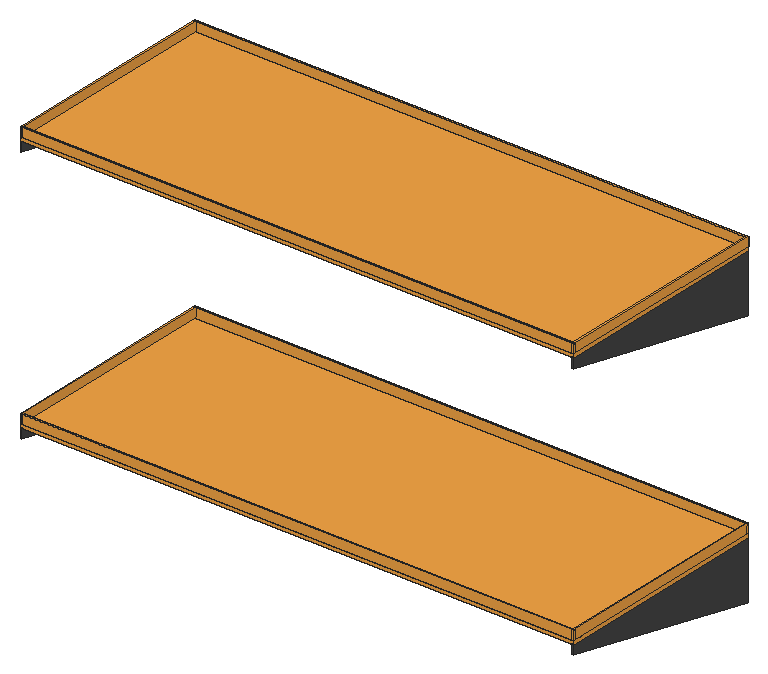
Revit family "Detention_Bunk-WallMnt", category Casework, Revit 2026
Family settings
  Classification Number = 23.40.70.31.17
  Work Plane-Based = No
  Always vertical = Yes
  Cut with Voids When Loaded = No
  Shared = No
  Room Calculation Point = No
Parameters (values of type "Double-Bunk")
  Width = 6' - 4"
  Warranty Duration (Years) = 5
  Test Data = ""
  Specification = "http://www.arcat.com/divs/sec/sec11190.shtml"
  Sales Information = ""
  Product Properties = "http://www.arcat.com/bim/bim_info.pl?fn=Detention_Bunk-WallMnt"
  Product Data = "http://www.arcat.com/divs/sec/sec11190.shtml"
  Model = "Generic"  # constant formula
  Manufacturer Website = "http://www.arcat.com/"
  Manufacturer Phone - Toll Free = ""
  Manufacturer Phone = "(203) 929-9444"  # constant formula
  Manufacturer Fax = "(203) 939-2444"  # constant formula
  Manufacturer Email = "bim@arcat.com"  # constant formula
  Manufacturer Address = "1077 Bridgeport Ave, Shelton, CT  06484"  # constant formula
  Manufacturer = "Generic"  # constant formula
  Maintenance Schedule (Months) = 12
  Keynote = "11190"
  Installation_Fabricaton = ""
  Installation Phase = ""
  Height = 5' - 1"
  Hardware Material = Metal - Brass
  Green Building-LEED = "http://www.arcat.com/green/green_building.shtml"
  Frame Material = Metal - Steel, Painted, Black
  Expected Lifespan (Years) = 10
  Drawn By = "Robert S. Weygant. CSI, CDT, SCIP"  # constant formula
  Description = "Detention Bunk - Wall Mounted, Double Occupant"
  Depth = 2' - 6"
  Default Elevation = 0' - 0"
  Copyright = "2008, ARCAT, Inc."  # constant formula
  Construction Details = "http://www.arcat.com/divs/sec/sec11190.shtml"
  Bunk Surface Material = Metal - Steel, Painted, Orange
  Building Codes = ""
  Assembly Code = "E1020600"
Reference planes (in)
  plane 1 "Center (Front/Back)": y = 0
  plane 2: z = 0
  plane 3 "Center (Left/Right)": x = 0
  plane 4: y = 15
  plane 5: y = -15
  plane 6 "Left": x = -38
  plane 7 "Right": x = 38
  plane 8: z = 61
  plane 9: z = 24
Forms (in)
  Extrusion 1, solid, material "Metal - Steel, Painted, Orange" <- "Bunk Surface Material"
    sketch origin (0, 0, 16) x (1, 0, 0) y (0, 1, 0)
      loop
        line (-38, 15) -> (-38, -15) -> (38, -15) -> (38, 15) -> (-38, 15)
    from 8 to 8.5
  Extrusion 2, solid, material "Metal - Steel, Painted, Orange" <- "Bunk Surface Material"
    sketch origin (0, -13.25, 1.75094) x (1, 0, 0) y (0, 0, 1)
      loop
        line (-38, 24) -> (-38, 22.74906) -> (38, 22.74906) -> (38, 24) -> (-38, 24)
    from 1.5 to 1.75
  Extrusion 3, solid, material "Metal - Steel, Painted, Orange" <- "Bunk Surface Material"
    sketch origin (0, 13.25, 1.75094) x (1, 0, 0) y (0, 0, -1)
      loop
        line (-38, -24) -> (38, -24) -> (38, -22.74906) -> (-38, -22.74906) -> (-38, -24)
    from 1.5 to 1.75
  Extrusion 4, solid, material "Metal - Steel, Painted, Orange" <- "Bunk Surface Material"
    sketch origin (40, 26.5, 1.75094) x (0, -1, 0) y (0, 0, 1)
      loop
        line (11.5, 24) -> (11.5, 22.74906) -> (41.5, 22.74906) -> (41.5, 24) -> (11.5, 24)
    from 2 to 2.25
  Extrusion 5, solid, material "Metal - Steel, Painted, Orange" <- "Bunk Surface Material"
    sketch origin (-40, 26.5, 1.75094) x (0, -1, 0) y (0, 0, -1)
      loop
        line (11.5, -24) -> (41.5, -24) -> (41.5, -22.74906) -> (11.5, -22.74906) -> (11.5, -24)
    from 2 to 2.25
  Extrusion 6, solid, material "Metal - Steel, Painted, Orange" <- "Bunk Surface Material"
    sketch origin (0, 0, 51.24906) x (1, 0, 0) y (0, 1, 0)
      loop
        line (-38, 15) -> (-38, -15) -> (38, -15) -> (38, 15) -> (-38, 15)
    from 8 to 8.5
  Extrusion 7, solid, material "Metal - Steel, Painted, Orange" <- "Bunk Surface Material"
    sketch origin (0, -13.25, 37) x (1, 0, 0) y (0, 0, 1)
      loop
        line (-38, 24) -> (-38, 22.74906) -> (38, 22.74906) -> (38, 24) -> (-38, 24)
    from 1.5 to 1.75
  Extrusion 8, solid, material "Metal - Steel, Painted, Orange" <- "Bunk Surface Material"
    sketch origin (-40, 26.5, 37) x (0, -1, 0) y (0, 0, -1)
      loop
        line (11.5, -24) -> (41.5, -24) -> (41.5, -22.74906) -> (11.5, -22.74906) -> (11.5, -24)
    from 2 to 2.25
  Extrusion 9, solid, material "Metal - Steel, Painted, Orange" <- "Bunk Surface Material"
    sketch origin (0, 13.25, 37) x (1, 0, 0) y (0, 0, -1)
      loop
        line (-38, -24) -> (38, -24) -> (38, -22.74906) -> (-38, -22.74906) -> (-38, -24)
    from 1.5 to 1.75
  Extrusion 10, solid, material "Metal - Steel, Painted, Orange" <- "Bunk Surface Material"
    sketch origin (40, 26.5, 37) x (0, -1, 0) y (0, 0, 1)
      loop
        line (11.5, 24) -> (11.5, 22.74906) -> (41.5, 22.74906) -> (41.5, 24) -> (11.5, 24)
    from 2 to 2.25
  Extrusion 11, solid, material "Metal - Steel, Painted, Black" <- "Frame Material"
    sketch origin (-38, 0, 0) x (0, -1, 0) y (0, 0, 1)
      loop
        line (-15, 59.24906) -> (-15, 51.24906) -> (15, 57.98091) -> (15, 59.24906) -> (-15, 59.24906)
    from 0 to -0.25
  Extrusion 12, solid, material "Metal - Steel, Painted, Black" <- "Frame Material"
    sketch origin (-38, 0, -35.24906) x (0, -1, 0) y (0, 0, 1)
      loop
        line (-15, 59.24906) -> (-15, 51.24906) -> (15, 57.98091) -> (15, 59.24906) -> (-15, 59.24906)
    from 0 to -0.25
  Extrusion 13, solid, material "Metal - Steel, Painted, Black" <- "Frame Material"
    sketch origin (38, 0, -72) x (0, -1, 0) y (0, 0, 1)
      loop
        line (-15, 131.24906) -> (-15, 123.24906) -> (15, 129.98091) -> (15, 131.24906) -> (-15, 131.24906)
    from 0 to 0.25
  Extrusion 14, solid, material "Metal - Steel, Painted, Black" <- "Frame Material"
    sketch origin (38, 0, -72) x (0, -1, 0) y (0, 0, 1)
      loop
        line (-15, 96) -> (-15, 88) -> (15, 94.73186) -> (15, 96) -> (-15, 96)
    from 0 to 0.25
Dimensions and locks (in)
  "Depth": plane 4 to plane 5
  "Height": plane 8 to level
  "Width": plane 6 "Left" to plane 7 "Right"
  equal spacing: plane 6 "Left", plane 3 "Center (Left/Right)", plane 7 "Right"
  equal spacing: plane 4, plane 1 "Center (Front/Back)", plane 5
  locked: Extrusion 5 to Extrusion 5 at 0.25
  locked: Extrusion 4 to Extrusion 4 at 0.25
  locked: Extrusion 3 to Extrusion 3 at 0.25
  locked: Extrusion 2 to Extrusion 2 at 0.25
  locked: Extrusion 9 to Extrusion 9 at 0.25
  locked: Extrusion 7 to Extrusion 7 at 0.25
  locked: Extrusion 10 to Extrusion 10 at 0.25
  locked: Extrusion 8 to Extrusion 8 at 0.25
  locked: plane 8 to Extrusion 6 at 1.75094
  locked: plane 8 to plane 9 at 37
  locked: Extrusion 2 to Extrusion 1 at 1.75094
  locked: Extrusion 11 sketch curve to Extrusion 6 at 8
  locked: Extrusion 11 sketch curve to Extrusion 6 at 1.26814
  locked: Extrusion 12 sketch curve to Extrusion 1 at 8
  locked: Extrusion 12 sketch curve to Extrusion 1 at 1.26814
  locked: Extrusion 13 sketch curve to Extrusion 6 at 8
  locked: Extrusion 13 sketch curve to Extrusion 6 at 1.26814
  locked: Extrusion 14 sketch curve to Extrusion 1 at 8
  locked: Extrusion 14 sketch curve to Extrusion 1 at 1.26814
  aligned and locked: Extrusion 4 to plane 7 "Right"
  aligned and locked: plane 7 "Right" to Extrusion 4
  aligned and locked: plane 6 "Left" to Extrusion 5
  aligned and locked: Extrusion 5 to plane 6 "Left"
  aligned and locked: plane 4 to Extrusion 3  (x2)
  aligned and locked: plane 5 to Extrusion 2  (x2)
  aligned and locked: plane 4 to Extrusion 9
  aligned and locked: plane 5 to Extrusion 7
  aligned and locked: plane 6 "Left" to Extrusion 8
  aligned and locked: plane 7 "Right" to Extrusion 10
  aligned and locked: Extrusion 6 to Extrusion 7
  aligned and locked: Extrusion 1 to Extrusion 2
  aligned and locked: plane 6 "Left" to Extrusion 9
  aligned and locked: plane 6 "Left" to Extrusion 7
  aligned and locked: plane 6 "Left" to Extrusion 2
  aligned and locked: plane 6 "Left" to Extrusion 3  (x2)
  aligned and locked: Extrusion 9 to plane 7 "Right"
  aligned and locked: Extrusion 3 to plane 7 "Right"
  aligned and locked: Extrusion 7 to plane 7 "Right"
  aligned and locked: Extrusion 2 to plane 7 "Right"
  aligned and locked: Extrusion 10 to plane 5
  aligned and locked: Extrusion 4 to plane 5
  aligned and locked: Extrusion 8 to plane 5
  aligned and locked: Extrusion 5 to plane 5
  aligned and locked: plane 4 to Extrusion 10
  aligned and locked: plane 4 to Extrusion 4
  aligned and locked: plane 4 to Extrusion 8
  aligned and locked: plane 4 to Extrusion 5
  aligned and locked: plane 5 to Extrusion 11 sketch curve
  aligned and locked: Extrusion 11 sketch curve to plane 4
  aligned and locked: Extrusion 11 sketch curve to Extrusion 6
  aligned and locked: Extrusion 12 to Extrusion 1
  aligned and locked: Extrusion 13 to Extrusion 6
  aligned and locked: Extrusion 14 to Extrusion 1
Automatic sketch dimensions
  Extrusion 1 sketch curve to plane 5 = 0' - 0"
  Extrusion 1 sketch curve to plane 6 "Left" = 0' - 0"
  Extrusion 1 sketch curve to plane 7 "Right" = 0' - 0"
  Extrusion 1 sketch curve to plane 4 = 0' - 0"
  Extrusion 2 sketch curve to plane 6 "Left" = 0' - 0"
  Extrusion 2 sketch curve to plane 7 "Right" = 0' - 0"
  plane 9 to Extrusion 2 sketch curve = 0' - 0 1/2"
  Extrusion 2 sketch curve to Extrusion 2 sketch curve = 0' - 1.25094"
  Extrusion 3 sketch curve to plane 6 "Left" = 0' - 0"
  Extrusion 3 sketch curve to plane 7 "Right" = 0' - 0"
  plane 9 to Extrusion 3 sketch curve = 0' - 1.75094"
  plane 9 to Extrusion 3 sketch curve = 0' - 0 1/2"
  Extrusion 4 sketch curve to plane 4 = 0' - 0"
  Extrusion 4 sketch curve to plane 5 = 0' - 0"
  plane 9 to Extrusion 4 sketch curve = 0' - 0 1/2"
  Extrusion 4 sketch curve to Extrusion 4 sketch curve = 0' - 1.25094"
  Extrusion 5 sketch curve to plane 4 = 0' - 0"
  Extrusion 5 sketch curve to plane 5 = 0' - 0"
  plane 9 to Extrusion 5 sketch curve = 0' - 1.75094"
  plane 9 to Extrusion 5 sketch curve = 0' - 0 1/2"
  Extrusion 6 sketch curve to plane 5 = 0' - 0"
  Extrusion 6 sketch curve to plane 6 "Left" = 0' - 0"
  Extrusion 6 sketch curve to plane 7 "Right" = 0' - 0"
  Extrusion 6 sketch curve to plane 4 = 0' - 0"
  Extrusion 7 sketch curve to plane 6 "Left" = 0' - 0"
  Extrusion 7 sketch curve to plane 7 "Right" = 0' - 0"
  Extrusion 7 sketch curve to plane 8 = 0' - 0"
  Extrusion 7 sketch curve to plane 8 = 0' - 1.25094"
  Extrusion 8 sketch curve to plane 4 = 0' - 0"
  Extrusion 8 sketch curve to plane 5 = 0' - 0"
  Extrusion 8 sketch curve to plane 8 = 0' - 0"
  Extrusion 8 sketch curve to Extrusion 8 sketch curve = 0' - 1.25094"
  Extrusion 9 sketch curve to plane 6 "Left" = 0' - 0"
  Extrusion 9 sketch curve to plane 7 "Right" = 0' - 0"
  Extrusion 9 sketch curve to plane 8 = 0' - 0"
  Extrusion 9 sketch curve to plane 8 = 0' - 1.25094"
  Extrusion 10 sketch curve to plane 4 = 0' - 0"
  Extrusion 10 sketch curve to plane 5 = 0' - 0"
  Extrusion 10 sketch curve to plane 8 = 0' - 0"
  Extrusion 10 sketch curve to Extrusion 10 sketch curve = 0' - 1.25094"
  Extrusion 12 sketch curve to plane 4 = 0' - 0"
  Extrusion 12 sketch curve to plane 5 = 0' - 0"
  Extrusion 12 sketch curve to plane 9 = 0' - 0"
  Extrusion 13 sketch curve to plane 4 = 0' - 0"
  Extrusion 13 sketch curve to plane 5 = 0' - 0"
  Extrusion 13 sketch curve to Extrusion 13 sketch curve = 0' - 1.26814"
  Extrusion 14 sketch curve to plane 4 = 0' - 0"
  Extrusion 14 sketch curve to plane 5 = 0' - 0"
  Extrusion 14 sketch curve to Extrusion 14 sketch curve = 0' - 1.26814"
